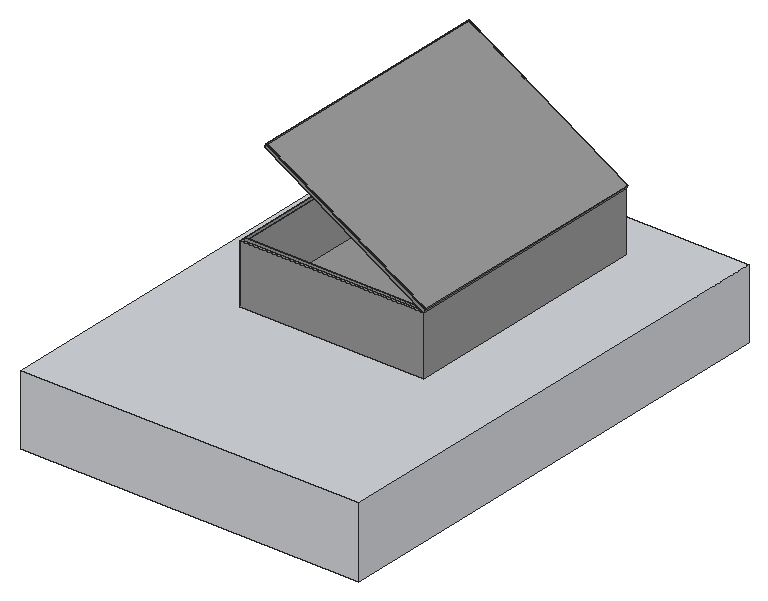
Revit family "Hager-Univers-IP55-D275-H1100-Cl.I-Steel_encl-PT-pt", category Equipement électrique, Revit 2020
Family settings
  Hôte = Face
  Configuration du panneau = Deux colonnes, circuits au sein
  Cote de connecteur circulaire = Utiliser le diamètre
  Type d'élément = Tableau de raccordement
  Couper avec des vides une fois chargée = Non
  Partagée = Non
  Point de calcul de pièce = Non
Parameters (values of type "Montagem em superfície (gesso) IP55 L800 A1100 P275  - FR73E")
  Width Control [instance] = if([EF000008 - Largura] > Min Width, [EF000008 - Largura], Min Width)  # 800 mm
  Commentaires du type = [HG000003 - Gama]  # "Univers"
  Thickness Door [instance] = if([EF009171 - Espessura do material da porta/tampa] > 3 mm, 3 mm, [EF009171 - Espessura do material da porta/tampa])  # 1.5 mm
  Seal Frame Offset [instance] = 17 mm  # constant formula
  Plinth Visibility [instance] = [HG000027 - Altura da Plinta] > 0 mm  # no
  Model = ""
  Min Width [instance] = 100 mm  # constant formula
  Min Height [instance] = 100 mm  # constant formula
  Min Depth [instance] = (2 * [EF009170 - Espessura do material do invólucro]) + 1 mm  # 4 mm
  Internal Frame Depth [instance] = (Door System Depth * 0.5)  # 9 mm
  Height Control [instance] = if([EF000040 - Altura] > Min Height, [EF000040 - Altura], Min Height)  # 1100 mm
  HG000027 - Altura da Plinta = 0 mm
  HG000026 - Instalação no chão = no
  HG000024 - Altura da secção inferior = 800 mm
  HG000023 - Recinto de secção dupla = no
  HG000016 - Visibilidade da porta 3D [instance] = yes
  HG000015 - Visibilidade através da porta [instance] = no
  HG000014 - Porta à direita [instance] = yes
  HG000013 - Porta à esquerda [instance] = not([HG000014 - Porta à direita])  # no
  HG000012 - Ângulo de abertura de porta [instance] = 30.00°
  HG000010 - Portas assimétricas = no
  HG000009 - Porta dupla = no
  HG000006 - Encastrado = no
  HG000004 - Referência do Fabricante = "FR73E"
  HG000003 - Gama = "Univers"
  HG000002 - Com porta ou tampa = yes
  Frame Offset Bottom [instance] = 10 mm  # constant formula
  Frame Offset [instance] = 15 mm  # constant formula
  EF015940 - Tampa com libertação de sobrepressão = no
  EF011959 - Grau de proteção (NEMA) = ""
  EF009554 - Número de aberturas para placas de flange = 6
  Fabricant = "Hager"  # constant formula
  EF009212 - Tipo de tampa = "EV000116 - Fechado"
  EF009171 - Espessura do material da porta/tampa = 1.5 mm
  EF009170 - Espessura do material do invólucro = 1.5 mm
  EF008873 - Corrente nominal (In) = 800 A
  EF007800 - Adequado para proteção contra raios = no
  EF006306 - Com fecho = no
  EF006244 - Tampa/porta transparente = no
  EF005474 - Grau de proteção (IP) = "EV006420 - IP55"
  EF004464 - Tipo de porta = "EV002646 - Único"
  EF004427 - Número de módulos = 252
  EF004293 - Força de impacto = "EV008784 - IK10"
  EF003532 - Adequado para uso no exterior = no
  EF002950 - Largura em número de módulos = 24
  EF001613 - Integridade do circuito = "EV000494 - Nenhum"
  EF001596 - Material do corpo = "EV000179 - Aço"
  EF001131 - Profundidade interior = 275 mm
  EF001088 - Extensão possível = yes
  EF000437 - Número de entradas de condutores = 6
  EF000339 - Tipo de difusor = "EV004216 - Porta"
  EF000266 - Número de linhas = 7
  EF000218 - Profundidade incorporada = 0 mm
  EF000118 - Com tampa de montagem = no
  EF000116 - Número RAL = "7035"
  EF000049 - Profundidade = 275 mm
  EF000040 - Altura = 1100 mm
  EF000008 - Largura = 800 mm
  EF000007 - Cor = "EV000270 - Cinzento"
  EF000003 - Método de montagem = "EV000384 - Montagem em superfície (gesso)"
  Door System Leaf Tolerance [instance] = 1.5 mm  # constant formula
  Door System Depth [instance] = 18 mm  # constant formula
  Door Height [instance] = Height Control - [HG000027 - Altura da Plinta]  # 1100 mm
  Depth Control [instance] = if([EF000049 - Profundidade] > Min Depth, [EF000049 - Profundidade], Min Depth)  # 275 mm
  Default Elevation = 0 mm
  Connector Offset [instance] = Height Control / 2  # 550 mm
  Bottom Top Plate Trim [instance] = 1.5 mm  # constant formula
  Plinth height Ctrl [instance] = if([HG000027 - Altura da Plinta] > 0 mm, [HG000027 - Altura da Plinta], 12 mm)  # 12 mm
Types (3, lengths in mm): name | Width Control | HG000009 - Porta dupla | HG000004 - Referência do Fabricante | EF009554 - Número de aberturas para placas de flange | EF004464 - Tipo de porta | EF004427 - Número de módulos | EF000437 - Número de entradas de condutores | EF000008 - Largura
  Montagem em superfície (gesso) IP55 L1050 A1100 P275  - FR74E | 1050 | yes | "FR74E" | 8 | "EV003602 - Duplo" | 336 | 8 | 1050
  Montagem em superfície (gesso) IP55 L550 A1100 P275  - FR72E | 550 | no | "FR72E" | 4 | "EV002646 - Único" | 168 | 4 | 550
  Montagem em superfície (gesso) IP55 L800 A1100 P275  - FR73E | 800 | no | "FR73E" | 6 | "EV002646 - Único" | 252 | 6 | 800
Reference planes
  plane 1 "Center (Front/Back)": y = 0
  plane 2: z = 0
  plane 3 "Center (Left/Right)": x = 0
  plane 4: z = 275
  plane 5: y = 1.5
  plane 6: y = 550
  plane 7: y = 0
  plane 8: y = 1100
  plane 9: z = 0
  plane 10: x = -385
  plane 11: x = 385
  plane 12: x = 383.5
  plane 13: x = -383.5
  plane 14: y = 1098.5
  plane 15: x = -383
  plane 16: x = -400
  plane 17: x = 383
  plane 18: x = 400
  plane 19: x = 398.5
  plane 20: x = -398.5
  plane 21: y = 11.5
  plane 22: y = 1100
  plane 23: y = 1083.5
  plane 24: z = 257
  plane 25: z = 1.5
  plane 26: z = 255.5
  plane 27: z = 273.5
Forms (mm)
  Extrusion 1, solid
    sketch origin (0, 0, 0) x (1, 0, 0) y (0, 1, 0)
      loop
        line (-702.964, 1305) -> (-702.964, -811.445) -> (766.763, -811.445) -> (766.763, 1305) -> (-702.964, 1305)
    from 0 to -304.8
  Extrusion 2, solid, material "Hager_Steel_RAL7035_Light_Grey", visible <- "Plinth Visibility", detail levels medium+fine
    sketch origin (0, 0, 0) x (1, 0, 0) y (0, 1, 0)
      loop
        line (-400, 0) -> (400, 0) -> (400, 12) -> (-400, 12) -> (-400, 0)
    from 0 to 257
  Extrusion 3, solid, material "Hager_Steel_RAL7035_Light_Grey", detail levels medium+fine
    sketch origin (0, 0, 0) x (1, 0, 0) y (0, 1, 0)
      loop
        line (-400, 0) -> (400, 0) -> (400, 1100) -> (-400, 1100) -> (-400, 0)
    from 0 to 257
  Extrusion 4, void
    sketch origin (0, 0, 0) x (1, 0, 0) y (0, 1, 0)
      loop
        line (-398.5, 1.5) -> (398.5, 1.5) -> (398.5, 1098.5) -> (-398.5, 1098.5) -> (-398.5, 1.5)
    from 1.5 to 255.5
  Extrusion 5, void
    sketch origin (-381.607, -4572, 257) x (0, -1, 0) y (-1, 0, 0)
      loop
        line (-4583.5, 1.893) -> (-5655.5, 1.893) -> (-5655.5, -765.107) -> (-4583.5, -765.107) -> (-4583.5, 1.893)
    from 0 to 1.5 <- "EF009170 - Espessura do material do invólucro"
  Extrusion 6, solid, material "Hager_Steel_RAL7035_Light_Grey", detail levels fine
    sketch origin (0, 0, 257) x (1, 0, 0) y (0, 1, 0)
      loop
        line (-383.5, 1083.5) -> (-383.5, 11.5) -> (383.5, 11.5) -> (383.5, 1083.5) -> (-383.5, 1083.5)
      loop
        line (-385, 10) -> (385, 10) -> (385, 1085) -> (-385, 1085) -> (-385, 10)
    from 0 to 9 <- "Internal Frame Depth"
  Extrusion 7, solid, material "Hager_Steel_RAL7035_Light_Grey", detail levels coarse
    sketch origin (0, 0, 0) x (1, 0, 0) y (0, 1, 0)
      loop
        line (-400, 0) -> (400, 0) -> (400, 1100) -> (-400, 1100) -> (-400, 0)
    from 0 to 275
  Sweep 8, void
    path in 3D
      loop
        line (-400, 12, 0) -> (400, 12, 0) -> (400, 12, 257) -> (-400, 12, 257) -> (-400, 12, 0)
    profile origin (-400, 12, 128.5) x (-1, 0, 0) y (0, -1, 0)
      loop
        line (0, 0) -> (0, 1.5) -> (-1.5, 1.5)
        arc (-1.5, 1.5) -> (-1.061, 0.439) -> (0, 0) r 1.5
Cuts and joins
  Extrusion 4, Extrusion 5 cuts Extrusion 3
  Sweep 8 cuts Extrusion 2
Lines and regions (mm)
  Masking region 1
    outline origin (0, 0, 0) x (1, 0, 0) y (0, 0, 1)
      loop
        line (-400, 275) -> (-400, 0) -> (400, 0) -> (400, 275) -> (-400, 275)
  Masking region 2, detail levels medium+fine
    outline origin (0, 140, 0) x (0, 1, 0) y (0, 0, 1)
      loop
        line (-140, 0) -> (960, 0) -> (960, 257) -> (-140, 257) -> (-140, 0)
  Masking region 3, not visible, detail levels medium+fine
    outline origin (0, 297.922, 0) x (0, 1, 0) y (0, 0, 1)
      loop
        line (263.578, 0) -> (303.578, 0) -> (303.578, 263.5)
        arc (303.578, 263.5) -> (300.649, 270.571) -> (293.578, 273.5) r 10
        line (293.578, 273.5) -> (263.578, 273.5) -> (263.578, 0)
  Masking region 4, detail levels coarse
    outline origin (0, 0, 180) x (0, 1, 0) y (0, 0, 1)
      loop
        line (0, -180) -> (1100, -180) -> (1100, 95) -> (0, 95) -> (0, -180)
  Masking region 5, visible <- "Plinth Visibility", detail levels medium+fine
    outline origin (0, 52.24, 12.345) x (0, 0, -1) y (0, 1, 0)
      loop
        line (10.845, -40.24) -> (-243.155, -40.24)
        arc (-243.155, -40.24) -> (-243.594, -41.301) -> (-244.655, -41.74) r 1.5
        line (-244.655, -41.74) -> (-244.655, -52.24) -> (12.345, -52.24) -> (12.345, -41.74)
        arc (12.345, -41.74) -> (11.285, -41.301) -> (10.845, -40.24) r 1.5
  Masking region 6, detail levels medium+fine
    outline origin (-381.607, -4572, 257) x (-1, 0, 0) y (0, -1, 0)
      loop
        line (18.393, -5672) -> (18.393, -4572) -> (-781.607, -4572) -> (-781.607, -5672) -> (18.393, -5672)
  Masking region 7, visible <- "Plinth Visibility", detail levels medium+fine
    outline origin (-381.607, -4727, 257) x (-1, 0, 0) y (0, -1, 0)
      loop
        arc (16.893, -4739) -> (17.332, -4737.939) -> (18.393, -4737.5) r 1.5
        line (18.393, -4737.5) -> (18.393, -4727) -> (-781.607, -4727) -> (-781.607, -4737.5)
        arc (-781.607, -4737.5) -> (-780.546, -4737.939) -> (-780.107, -4739) r 1.5
        line (-780.107, -4739) -> (16.893, -4739)
  Masking region 8, detail levels coarse
    outline origin (-442.548, -4669.526, 257) x (-1, 0, 0) y (0, -1, 0)
      loop
        line (-42.548, -5769.526) -> (-42.548, -4669.526) -> (-842.548, -4669.526) -> (-842.548, -5769.526) -> (-42.548, -5769.526)
  sketch lines
    curve 1: line (-400, 12, 257) -> (-400, 12, 0)
    curve 2: line (400, 12, 257) -> (-400, 12, 257)
    curve 3: line (400, 12, 257) -> (400, 12, 0)
    curve 4: line (-400, 12, 0) -> (400, 12, 0)
Dimensions and locks
  "Depth Control": plane 4 to Extrusion 1
  "HG000027 - Altura da Plinta": plane 1 "Center (Front/Back)" to plane 7
  "EF009170 - Espessura do material do invólucro": plane 5 to plane 7
  locked: connector elem to plane 3 "Center (Left/Right)"
  equal spacing: plane 8, plane 6, plane 7
  locked: connector elem to plane 6
  "EF009170 - Espessura do material do invólucro": plane 8 to plane 14
  "EF009170 - Espessura do material do invólucro": plane 10 to plane 13
  "EF009170 - Espessura do material do invólucro": plane 12 to plane 11
  "Frame Offset": plane 20 to plane 13
  "Frame Offset": plane 12 to plane 19
  "EF009170 - Espessura do material do invólucro": plane 16 to plane 20
  "EF009170 - Espessura do material do invólucro": plane 19 to plane 18
  "Seal Frame Offset": plane 16 to plane 15
  "Seal Frame Offset": plane 17 to plane 18
  "Frame Offset Bottom": plane 21 to plane 5
  "Frame Offset": plane 14 to plane 23
  equal spacing: plane 16, plane 3 "Center (Left/Right)", plane 18
  "Width Control": plane 16 to plane 18
  "EF009170 - Espessura do material do invólucro": plane 4 to plane 27
  "EF009170 - Espessura do material do invólucro": plane 24 to plane 26
  "EF009170 - Espessura do material do invólucro": plane 25 to level
  "Door System Depth": plane 4 to plane 24
  "Height Control": plane 1 "Center (Front/Back)" to Extrusion 7 sketch curve
  "Height Control": Masking region 4 sketch curve to plane 1 "Center (Front/Back)"
  "Height Control": plane 1 "Center (Front/Back)" to plane 22
  "Bottom Top Plate Trim": profile plane to Sweep 8 sketch curve
  "Bottom Top Plate Trim": Sweep 8 sketch curve to profile plane
  "Plinth height Ctrl": plane 1 "Center (Front/Back)" to Extrusion 2 sketch curve
  "Plinth height Ctrl": Masking region 5 sketch curve to plane 1 "Center (Front/Back)"
  "Plinth height Ctrl": plane 1 "Center (Front/Back)" to Masking region 7 sketch curve
  "Thickness Door": Extrusion 6 sketch curve to Extrusion 6 sketch curve  (x3)
  "Thickness Door": cut or joined group of Extrusion 3, Extrusion 4, Extrusion 5 to Extrusion 6 sketch curve
  radius of Masking region 3 sketch curve = 10 mm
  "Bottom Top Plate Trim": radius of Masking region 5 sketch curve  (x2)
  "Bottom Top Plate Trim": radius of Sweep 8 sketch curve
  "Bottom Top Plate Trim": radius of Masking region 7 sketch curve  (x2)
  aligned and locked: plane 2 to Extrusion 1
  aligned and locked: level to Extrusion 1
  aligned and locked: level to Masking region 1 sketch curve
  aligned and locked: Masking region 1 sketch curve to plane 18
  aligned and locked: Masking region 1 sketch curve to plane 16
  aligned and locked: plane 7 to Masking region 2 sketch curve
  aligned and locked: level to Masking region 3 sketch curve
  aligned and locked: Masking region 3 sketch curve to plane 27
  aligned and locked: level to Masking region 2 sketch curve
  aligned and locked: plane 1 "Center (Front/Back)" to Extrusion 2 sketch curve
  aligned and locked: Extrusion 3 sketch curve to plane 7
  aligned and locked: plane 16 to Extrusion 3 sketch curve
  aligned and locked: plane 18 to Extrusion 3 sketch curve
  aligned and locked: plane 20 to Extrusion 4 sketch curve
  aligned and locked: plane 19 to Extrusion 4 sketch curve
  aligned and locked: Extrusion 4 sketch curve to plane 5
  aligned and locked: Extrusion 4 to plane 25
  aligned and locked: plane 26 to Extrusion 4
  aligned and locked: plane 24 to Extrusion 3
  aligned and locked: Extrusion 5 sketch curve to plane 21
  aligned and locked: Extrusion 5 sketch curve to plane 13
  aligned and locked: Extrusion 5 sketch curve to plane 12
  aligned and locked: plane 18 to Extrusion 7 sketch curve
  aligned and locked: plane 1 "Center (Front/Back)" to Extrusion 7 sketch curve
  aligned and locked: plane 16 to Extrusion 7 sketch curve
  aligned and locked: plane 4 to Extrusion 7
  aligned and locked: Extrusion 7 to level
  aligned and locked: level to Masking region 4 sketch curve
  aligned and locked: Masking region 4 sketch curve to plane 1 "Center (Front/Back)"
  aligned and locked: Masking region 4 sketch curve to plane 4
  aligned and locked: nested 1 to level
  aligned and locked: nested 1 to plane 16
  aligned and locked: plane 8 to Extrusion 3 sketch curve
  aligned and locked: plane 23 to Extrusion 5 sketch curve
  aligned and locked: plane 14 to Extrusion 4 sketch curve
  aligned and locked: Masking region 2 sketch curve to plane 8
  aligned and locked: level to Masking region 5 sketch curve
  aligned and locked: plane 16 to Extrusion 2 sketch curve
  aligned and locked: plane 18 to Extrusion 2 sketch curve
  aligned and locked: Masking region 5 sketch curve to plane 24
  aligned and locked: Masking region 2 sketch curve to plane 24
  aligned and locked: plane 24 to Extrusion 2
  aligned and locked: profile plane to Sweep 8 sketch curve  (x2)
  aligned and locked: Masking region 6 sketch curve to plane 18
  aligned and locked: Masking region 6 sketch curve to plane 22
  aligned and locked: Masking region 6 sketch curve to plane 16
  aligned and locked: plane 8 to plane 22
  aligned and locked: Masking region 6 sketch curve to plane 7
  aligned and locked: Masking region 7 sketch curve to plane 16
  aligned and locked: Masking region 7 sketch curve to plane 1 "Center (Front/Back)"
  aligned and locked: Masking region 7 sketch curve to plane 18
  aligned and locked: Masking region 8 sketch curve to plane 1 "Center (Front/Back)"
  aligned and locked: Masking region 8 sketch curve to plane 18
  aligned and locked: Masking region 8 sketch curve to plane 22
  aligned and locked: Masking region 8 sketch curve to plane 16
  aligned and locked: nested 2 to plane 7
  aligned and locked: plane 3 "Center (Left/Right)" to nested 2
  aligned and locked: nested 2 to plane 24
  aligned and locked: Extrusion 6 sketch curve to cut or joined group of Extrusion 3, Extrusion 4, Extrusion 5  (x4)
Automatic sketch dimensions
  Extrusion 1 sketch curve to Extrusion 1 sketch curve = 1469.727 mm
  Extrusion 1 sketch curve to Extrusion 1 sketch curve = 2116.445 mm
  Masking region 1 sketch curve to plane 4 = 0 mm
  plane 6 to Masking region 3 sketch curve = 11.5 mm
  Masking region 3 sketch curve to Masking region 3 sketch curve = 30 mm
  Masking region 5 sketch curve to plane 1 "Center (Front/Back)" = 0 mm
Nested families
  nested 1: "Hager_Enclosure_Symbol" at (-400, 0, 0) x (1, 0, 0) z (0, -1, 0), Height <- "Depth Control", Width <- "Width Control", type "Hager_Enclosure_Symbol"
    with Width_Ctrl 800 mm, Width 800 mm, Height_Ctrl 275 mm, Height 275 mm, A_Width_Int 18.047 mm, A_Width 216.562 mm, A_Height_Ctrl 240.625 mm, A_Height 240.625 mm
  nested 2: "EC000058_Univers_Door" at (0, 0, 257) x (1, 0, 0) z (0, 1, 0), Leaf_Tolerance <- "Door System Leaf Tolerance", Angle <- "HG000012 - Ângulo de abertura de porta", Door_Depth <- "Door System Depth", Door_Left <- "HG000013 - Porta à esquerda", Transparent <- "EF006244 - Tampa/porta transparente", Assymetrical <- "HG000010 - Portas assimétricas", Width <- "Width Control", Clearance <- "HG000015 - Visibilidade através da porta", Double <- "HG000009 - Porta dupla", 3d_Door <- "HG000016 - Visibilidade da porta 3D", Lock_Visibility <- "EF006306 - Com fecho", Width_Ctrl <- "Width Control", Door_Right <- "HG000014 - Porta à direita", Door <- "HG000002 - Com porta ou tampa", Height <- "Door Height", Thickness <- "Thickness Door", type "EC000058_Univers_Door", detail levels medium+fine
    with min_wh 4 mm, Width_Ctrl 800 mm, Width 800 mm, Transparent no, Thickness 1.5 mm, Seal_Material Hager_Rubber, Lock_Visibility no, Lock_Material Hager_Plastic_RAL9005_Jet_Black, Leaf_Width 800 mm, Leaf_Tolerance_External_Sides 0 mm, Leaf_Tolerance 1.5 mm, Leaf_Offset 0 mm, Leaf_Height 1097 mm, Leaf_2_Width 800 mm, Leaf_2_Offset 400 mm, Leaf_1_Width 800 mm, Leaf_1_Offset 400 mm, Height_Ctrl 1100 mm, Height 1100 mm, Glass_Material Hager_Glass, Double_Clearance_Ctrl no, Double no, Door_Right_Ctrl yes, Door_Right yes, Door_Material Hager_Steel_RAL7035_Light_Grey, Door_Left_Ctrl no, Door_Left no, Door_Depth 18 mm, Door yes, Clearance_Material Hager_Clearance, Clearance_Depth 800 mm, Clearance_Ctrl no, Clearance no, Assymetrical no, Angle 30.00°, 3d_Door yes
Connectors
  electrical at (0, 550, 0)
    settings: on plane 9, index 1, voltage 0 V, apparent load 0 VA, apparent load phase1 0 VA, apparent load phase2 0 VA, apparent load phase3 0 VA, power factor 1, load classification "Other", number of poles 1, system type 30, power factor state 1, is connector primary yes, connector utility no, sub classification motor no, connector description ""
Definition of nested family "EC000058_Univers_Door"
  Parameters (values of type "EC000058_Univers_Door")
    min_wh [instance] = (2 * Thickness) + 1 mm  # 11 mm
    Width_Ctrl [instance] = 400 mm
    Width [instance] = 500 mm
    Transparent [instance] = yes
    Thickness [instance] = 5 mm
    Seal_Material [instance] = none
    Lock_Visibility [instance] = yes
    Lock_Material [instance] = none
    Leaf_Width [instance] = if((Width_Ctrl - 2 * Leaf_Tolerance_External_Sides) > 0 mm, (Width_Ctrl - 2 * Leaf_Tolerance_External_Sides), min_wh)  # 400 mm
    Leaf_Tolerance_External_Sides [instance] = 0 mm  # constant formula
    Leaf_Tolerance [instance] = 1.5 mm
    Leaf_Offset [instance] = 0 mm  # constant formula
    Leaf_Height [instance] = if((Height_Ctrl - 2 * Leaf_Tolerance) > 0 mm, (Height_Ctrl - 2 * Leaf_Tolerance), min_wh)  # 497 mm
    Leaf_2_Width [instance] = if(and(and(Double, Assymetrical), Door_Left), (Leaf_Width / 3) - (Leaf_Tolerance / 2), if(and(and(Double, Assymetrical), Door_Right), (Leaf_Width / 3) * 2 - (Leaf_Tolerance / 2), if(and(Double, not(Assymetrical)), (Leaf_Width / 2) - Leaf_Tolerance, Leaf_Width)))  # 400 mm
    Leaf_2_Offset [instance] = if(and(Double, Assymetrical), Leaf_2_Width / 2, if(and(Double, not(Assymetrical)), Leaf_Width / 4, Leaf_Width / 2))  # 200 mm
    Leaf_1_Width [instance] = if(and(and(Double, Assymetrical), Door_Right), (Leaf_Width / 3) - (Leaf_Tolerance / 2), if(and(and(Double, Assymetrical), Door_Left), (Width / 3) * 2 - (Leaf_Tolerance / 2), if(and(Double, not(Assymetrical)), (Leaf_Width / 2) - Leaf_Tolerance, Leaf_Width)))  # 400 mm
    Leaf_1_Offset [instance] = if(and(Double, Assymetrical), Leaf_1_Width / 2, if(and(Double, not(Assymetrical)), Leaf_Width / 4, Leaf_Width / 2))  # 200 mm
    Height_Ctrl [instance] = if(Height > min_wh, Height, min_wh)  # 500 mm
    Height [instance] = 500 mm
    Glass_Material [instance] = none
    Double_Clearance_Ctrl [instance] = and(Double, Clearance)  # no
    Double [instance] = no
    Door_Right_Ctrl [instance] = and(or(Door_Right, Double), Door)  # yes
    Door_Right [instance] = yes
    Door_Material [instance] = none
    Door_Left_Ctrl [instance] = and(or(Door_Left, Double), Door)  # no
    Door_Left [instance] = no
    Door_Depth [instance] = 30 mm
    Door [instance] = yes
    Default Elevation = 1219.2 mm
    Clearance_Material [instance] = none
    Clearance_Depth [instance] = if(Leaf_1_Width > Leaf_2_Width, Leaf_1_Width, Leaf_2_Width)  # 400 mm
    Clearance_Ctrl [instance] = and(not(Double), Clearance)  # yes
    Clearance [instance] = yes
    Assymetrical [instance] = yes
    Angle [instance] = 30.00°
    3d_Door [instance] = yes
  Reference planes
    plane 1 "Center (Front/Back)": y = 0
    plane 2 "Bottom": z = 0
    plane 3 "Center (Left/Right)": x = 0
    plane 4: z = 500
    plane 5: x = -200
    plane 6: x = 200
    plane 7: z = 500
    plane 8: x = -200
    plane 9: z = 0
    plane 10: x = 200
    plane 11: y = 0
    plane 12: z = 1.5
    plane 13: x = -600
    plane 14: y = -400
    plane 15: x = 600
    plane 16: x = 0
    plane 17: x = 0
    plane 18: x = -200
    plane 19: x = 200
    plane 20: z = 498.5
  Forms (mm)
    Extrusion 1, solid, material <- "Clearance_Material", visible <- "Double_Clearance_Ctrl"
      sketch origin (1200, 0, 0) x (1, 0, 0) y (0, 0, -1)
        loop
          line (-1800, -498.5) -> (-600, -498.5) -> (-600, 0) -> (-1800, 0) -> (-1800, -498.5)
      from 0 to -400
  Dimensions and locks
    equal spacing: plane 5, plane 3 "Center (Left/Right)", plane 6
    "Width_Ctrl": plane 5 to plane 6
    "Leaf_Offset": plane 5 to plane 8
    "Leaf_Offset": plane 6 to plane 10
    "Leaf_Offset": plane 9 to level
    "Leaf_Offset": plane 4 to plane 7
    "Height_Ctrl": plane 4 to level
    "Leaf_Tolerance": plane 12 to plane 9
    locked: plane 11 to plane 1 "Center (Front/Back)"
    "Leaf_1_Offset": plane 18 to plane 16
    "Leaf_2_Offset": plane 17 to plane 19
    "Leaf_1_Width": plane 13 to plane 8
    "Leaf_2_Width": plane 10 to plane 15
    "Clearance_Depth": plane 14 to plane 1 "Center (Front/Back)"
    "Leaf_Tolerance_External_Sides": plane 8 to plane 18
    "Leaf_Tolerance_External_Sides": plane 19 to plane 10
    "Leaf_Tolerance": plane 7 to plane 20
    aligned and locked: level to plane 2 "Bottom"
    aligned and locked: nested 1 to plane 16
    aligned and locked: nested 2 to plane 17
    aligned and locked: Extrusion 1 to plane 13
    aligned and locked: plane 15 to Extrusion 1
    aligned and locked: Extrusion 1 to plane 14
    aligned and locked: plane 12 to nested 1
    aligned and locked: nested 2 to plane 12
    aligned and locked: Extrusion 1 to plane 11
    aligned and locked: plane 20 to Extrusion 1
    aligned and locked: nested 2 to plane 11
    aligned and locked: nested 1 to plane 11
  Automatic sketch dimensions
    Extrusion 1 sketch curve to level = 0 mm
    plane 5 to Extrusion 1 sketch curve = 400 mm
    plane 6 to Extrusion 1 sketch curve = 400 mm
    Extrusion 1 sketch curve to plane 4 = 1.5 mm
  Nested families
    nested 1: "EC000058_Univers_Door_Leaf" at (0, 0, 1.5), Width <- "Leaf_1_Width", visible <- "Door_Left_Ctrl", Leaf_Height <- "Leaf_Height", Angle <- "Angle", 3d_Door <- "3d_Door", Transparent <- "Transparent", Clearance Material <- "Clearance_Material", Clearance <- "Clearance_Ctrl", Door_Material <- "Door_Material", Glass_Material <- "Glass_Material", Door_Depth <- "Door_Depth", Lock_Material <- "Lock_Material", Seal_Material <- "Seal_Material", Lock_Visibility <- "Lock_Visibility", Thickness <- "Thickness", type "EC000058_Univers_Door_Leaf"
      with Width 400 mm, Transparent_Glass_Offset 30 mm, Transparent_Ctrl yes, Transparent yes, Thickness 5 mm, Standard no, Seal_Material none, Seal_D2 8 mm, Seal_D1 1 mm, Offset_Internal_Frame 10 mm, Lock_Width 20 mm, Lock_Visibility_3d yes, Lock_Visibility yes, Lock_Thickness_3 3 mm, Lock_Thickness_2 1 mm, Lock_Thickness_1 3 mm, Lock_Radius_Offset_2 16 mm, Lock_Radius_Offset_1 15 mm, Lock_Radius_2 5 mm, Lock_Radius 6 mm, Lock_Offset 5 mm, Lock_Material none, Lock_Height 80 mm, Lock_Cover_Top_Offset_2d 17 mm, Lock_Cover_Height -65 mm, Leaf_Height 497 mm, Internal_Seal_Thickness 8 mm, Internal_Seal_Depth_2 4.5 mm, Internal_Frame_Depth 25 mm, Glass_Thickness -1 mm, Glass_Offset -2 mm, Glass_Material none, Door_Material none, Door_Depth 30 mm, Clearance Material none, Clearance yes, Angle_Ctrl 30.00°, Angle 30.00°, 3d_Door yes
    nested 2: "EC000058_Univers_Door_Leaf" at (0, 0, 1.5) x (-1, 0, 0) z (0, 0, 1), Width <- "Leaf_2_Width", visible <- "Door_Right_Ctrl", Leaf_Height <- "Leaf_Height", Angle <- "Angle", 3d_Door <- "3d_Door", Transparent <- "Transparent", Clearance Material <- "Clearance_Material", Clearance <- "Clearance_Ctrl", Door_Material <- "Door_Material", Glass_Material <- "Glass_Material", Door_Depth <- "Door_Depth", Lock_Material <- "Lock_Material", Seal_Material <- "Seal_Material", Lock_Visibility <- "Lock_Visibility", Thickness <- "Thickness", type "EC000058_Univers_Door_Leaf"
      with Width 400 mm, Transparent_Glass_Offset 30 mm, Transparent_Ctrl yes, Transparent yes, Thickness 5 mm, Standard no, Seal_Material none, Seal_D2 8 mm, Seal_D1 1 mm, Offset_Internal_Frame 10 mm, Lock_Width 20 mm, Lock_Visibility_3d yes, Lock_Visibility yes, Lock_Thickness_3 3 mm, Lock_Thickness_2 1 mm, Lock_Thickness_1 3 mm, Lock_Radius_Offset_2 16 mm, Lock_Radius_Offset_1 15 mm, Lock_Radius_2 5 mm, Lock_Radius 6 mm, Lock_Offset 5 mm, Lock_Material none, Lock_Height 80 mm, Lock_Cover_Top_Offset_2d 17 mm, Lock_Cover_Height -65 mm, Leaf_Height 497 mm, Internal_Seal_Thickness 8 mm, Internal_Seal_Depth_2 4.5 mm, Internal_Frame_Depth 25 mm, Glass_Thickness -1 mm, Glass_Offset -2 mm, Glass_Material none, Door_Material none, Door_Depth 30 mm, Clearance Material none, Clearance yes, Angle_Ctrl 30.00°, Angle 30.00°, 3d_Door yes
  Definition of nested family "EC000058_Univers_Door_Leaf"
    Parameters (values of type "EC000058_Univers_Door_Leaf")
      Width [instance] = 2000 mm
      Transparent_Glass_Offset [instance] = 30 mm
      Transparent_Ctrl [instance] = and(Transparent, [3d_Door])  # yes
      Transparent [instance] = yes
      Thickness [instance] = 5 mm
      Standard [instance] = and(not(Transparent), [3d_Door])  # no
      Seal_Material [instance] = none
      Seal_D2 [instance] = 8 mm  # constant formula
      Seal_D1 [instance] = 1 mm  # constant formula
      Offset_Internal_Frame [instance] = 10 mm  # constant formula
      Lock_Width [instance] = 20 mm  # constant formula
      Lock_Visibility_3d [instance] = and(Lock_Visibility, [3d_Door])  # yes
      Lock_Visibility [instance] = yes
      Lock_Thickness_3 [instance] = 3 mm  # constant formula
      Lock_Thickness_2 [instance] = 1 mm  # constant formula
      Lock_Thickness_1 [instance] = 3 mm  # constant formula
      Lock_Radius_Offset_2 [instance] = Lock_Radius_Offset_1 + 1 mm  # 16 mm
      Lock_Radius_Offset_1 [instance] = 15 mm  # constant formula
      Lock_Radius_2 [instance] = Lock_Radius - 1 mm  # 5 mm
      Lock_Radius [instance] = 6 mm  # constant formula
      Lock_Offset [instance] = 5 mm  # constant formula
      Lock_Material [instance] = none
      Lock_Height [instance] = 80 mm  # constant formula
      Lock_Cover_Top_Offset_2d [instance] = Lock_Radius_Offset_2 + 1 mm  # 17 mm
      Lock_Cover_Height [instance] = -(Lock_Height - Lock_Radius_Offset_1)  # -65 mm
      Leaf_Height [instance] = 2720.336 mm
      Internal_Seal_Thickness [instance] = 8 mm  # constant formula
      Internal_Seal_Depth_2 [instance] = 4.5 mm  # constant formula
      Internal_Frame_Depth [instance] = if(Door_Depth - Thickness > 5 mm, Door_Depth - Thickness, 5 mm)  # 25 mm
      Glass_Thickness [instance] = if(Thickness > 15 mm, Glass_Offset + 10 mm, -1 mm)  # -1 mm
      Glass_Offset [instance] = if(Thickness > 15 mm, -(Thickness + 10 mm) / 2, -2 mm)  # -2 mm
      Glass_Material [instance] = none
      Door_Material [instance] = none
      Door_Depth [instance] = 30 mm
      Default Elevation = 0 mm
      Clearance Material [instance] = none
      Clearance [instance] = yes
      Angle_Ctrl [instance] = if(Angle > 180.00°, 180.00°, Angle)  # 90.00°
      Angle [instance] = 90.00°
      3d_Door [instance] = yes
    Reference planes
      plane 1 "Center (Front/Back)": y = 0
      plane 2: z = 0
      plane 3 "Center (Left/Right)": x = 0
      plane 4: y = 2000
      plane 5: x = -1000
      plane 6: x = 1000
      plane 7: x = -3000
      plane 8: z = 2720.336
      plane 9: z = 30
      plane 10: z = 2690.336
      plane 11: x = 970
      plane 12: x = -970
      plane 13: y = -3
      plane 14: z = 107.833
      plane 15: y = -5
      plane 16: y = -223.314
      plane 17: x = -1000
      plane 18: z = 1360.168
      plane 19: y = 30
    Forms (mm)
      Extrusion 1, solid, material <- "Clearance Material", visible <- "Clearance"
        sketch origin (0, 0, 0) x (1, 0, 0) y (0, 0, 1)
          loop
            line (-3000, 2720.336) -> (-3000, 0) -> (1000, 0) -> (1000, 2720.336) -> (-3000, 2720.336)
        from 0 to -2000
      Extrusion 2, solid, material <- "Door_Material", visible <- "Standard", detail levels medium+fine
        sketch origin (-1000, 0, 0) x (0, 1, 0) y (-1, 0, 0)
          loop
            line (0, 30) -> (0, 25) -> (2000, 25) -> (2000, 30) -> (0, 30)
        from 0 to 2720.336 <- "Leaf_Height"
      Extrusion 3, solid, material <- "Door_Material", visible <- "Transparent_Ctrl", detail levels medium+fine
        sketch origin (-1000, 0, 0) x (0, 1, 0) y (-1, 0, 0)
          loop
            line (0, 25) -> (2000, 25) -> (2000, 30) -> (0, 30) -> (0, 25)
        from 0 to 2720.336 <- "Leaf_Height"
      Extrusion 4, void
        sketch origin (-1025, 2000, 0) x (0, 1, 0) y (0, 0, -1)
          loop
            line (-30, -2690.336) -> (-30, -30) -> (-1970, -30) -> (-1970, -2690.336) -> (-30, -2690.336)
        from 0 to 5 <- "Thickness"
      Sweep 5, solid, material <- "Seal_Material", visible <- "Transparent_Ctrl", detail levels fine
        path in 3D
          loop
            line (-1025, 30, 30) -> (-1025, 30, 2690.336) -> (-1025, 1970, 2690.336) -> (-1025, 1970, 30) -> (-1025, 30, 30)
        profile origin (-1025, 1000, 30) x (1, 0, 0) y (0, 0, 1)
          loop
            line (0, 0) -> (0, -8) -> (1, -8) -> (1, 0) -> (0, 0)
      Extrusion 6, solid, material <- "Glass_Material", visible <- "Transparent_Ctrl", detail levels medium+fine
        sketch origin (-1030, 0, 0) x (0, 1, 0) y (0, 0, -1)
          loop
            line (1970, -2690.336) -> (1970, -30) -> (30, -30) -> (30, -2690.336) -> (1970, -2690.336)
        from -2 <- "Glass_Offset" to -1 <- "Glass_Thickness"
      Extrusion 7, solid, material <- "Door_Material", visible <- "3d_Door", detail levels medium+fine
        sketch origin (-1025, 2000, 0) x (0, -1, 0) y (0, 0, -1)
          loop
            line (0, -2720.336) -> (2000, -2720.336) -> (2000, 0) -> (0, 0) -> (0, -2720.336)
          loop
            line (1995, -5) -> (5, -5) -> (5, -2715.336) -> (1995, -2715.336) -> (1995, -5)
        from 0 to 25 <- "Internal_Frame_Depth"
      Sweep 8, solid, material <- "Seal_Material", visible <- "Transparent_Ctrl", detail levels fine
        path in 3D
          loop
            line (-1025, 0, 0) -> (-1025, 2000, 0) -> (-1025, 2000, 2720.336) -> (-1025, 0, 2720.336) -> (-1025, 0, 0)
        profile origin (-1025, 0, 1360.168) x (1, 0, 0) y (0, 1, 0)
          loop
            line (0, 10) -> (2.975, 10)
            arc (2.975, 10) -> (4.053, 10.447) -> (4.5, 11.525) r 1.525
            line (4.5, 11.525) -> (4.5, 16.527)
            arc (4.5, 16.527) -> (4.069, 17.569) -> (3.027, 18) r 1.473
            line (3.027, 18) -> (0, 18) -> (0, 10)
      Extrusion 9, solid, material <- "Lock_Material", visible <- "Lock_Visibility_3d", detail levels fine
        sketch origin (-1030, 0, 0) x (0, 1, 0) y (0, 0, -1)
          loop
            arc (1993.5, -1400.168) -> (1994.561, -1399.729) -> (1995, -1398.668) r 1.5
            line (1995, -1398.668) -> (1995, -1320.168) -> (1975, -1320.168) -> (1975, -1398.668)
            arc (1975, -1398.668) -> (1975.439, -1399.729) -> (1976.5, -1400.168) r 1.5
            line (1976.5, -1400.168) -> (1993.5, -1400.168)
        from 3 <- "Lock_Thickness_1" to 0
      Blend 10, solid, material <- "Lock_Material", visible <- "Lock_Visibility_3d", detail levels fine
        base sketch origin (-1033, 0, 0) x (0, 1, 0) y (0, 0, -1)
          loop
            line (1975, -1320.168) -> (1975, -1398.668)
            arc (1975, -1398.668) -> (1975.439, -1399.729) -> (1976.5, -1400.168) r 1.5
            line (1976.5, -1400.168) -> (1993.5, -1400.168)
            arc (1993.5, -1400.168) -> (1994.561, -1399.729) -> (1995, -1398.668) r 1.5
            line (1995, -1398.668) -> (1995, -1320.168) -> (1975, -1320.168)
        top sketch origin (-1033, 0, 0) x (0, 1, 0) y (0, 0, -1)
          loop
            line (1976, -1320.168) -> (1976, -1398.668)
            arc (1976, -1398.668) -> (1976.146, -1399.022) -> (1976.5, -1399.168) r 0.5
            line (1976.5, -1399.168) -> (1993.5, -1399.168)
            arc (1993.5, -1399.168) -> (1993.854, -1399.022) -> (1994, -1398.668) r 0.5
            line (1994, -1398.668) -> (1994, -1320.168) -> (1976, -1320.168)
        from 0 to 1 <- "Lock_Thickness_2"
      Blend 11, solid, material <- "Lock_Material", visible <- "Lock_Visibility_3d", detail levels fine
        base sketch origin (-1034, 0, 0) x (0, 1, 0) y (0, 0, -1)
          loop
            line (1978, -1320.168) -> (1978, -1384.168)
            arc (1978, -1384.168) -> (1985, -1391.168) -> (1992, -1384.168) r 7
            line (1992, -1384.168) -> (1992, -1320.168) -> (1978, -1320.168)
        top sketch origin (-1034, 0, 0) x (0, 1, 0) y (0, 0, -1)
          loop
            line (1991, -1320.168) -> (1979, -1320.168) -> (1979, -1383.168)
            arc (1979, -1383.168) -> (1985, -1389.168) -> (1991, -1383.168) r 6
            line (1991, -1383.168) -> (1991, -1320.168)
        from 0 to 3 <- "Lock_Thickness_3"
      Extrusion 12, solid, material <- "Lock_Material", visible <- "Lock_Visibility_3d", detail levels fine
        sketch origin (-1030, 1975, 1320.168) x (1, 0, 0) y (0, -1, 0)
          loop
            line (-7, -19) -> (-7, -1) -> (0, -1) -> (0, 0) -> (-8, 0) -> (-8, -20) -> (0, -20) -> (0, -19) -> (-7, -19)
        from 0 to -65 <- "Lock_Cover_Height"
      Extrusion 13, void
        sketch origin (-1038, 1995, 1320.168) x (-1, 0, 0) y (0, 0, -1)
          loop
            line (-5, -65) -> (0, -65) -> (-5, -60) -> (-5, -65)
        from 0 to 20 <- "Lock_Width"
      Extrusion 14, void
        sketch origin (-1038, 1975, 1320.168) x (0, -1, 0) y (0, 0, -1)
          loop
            circle (-10, -15.995) r 6
          loop
            circle (-10, -15.995) r 5
        from 0 to 2
      Extrusion 15, solid, material <- "Lock_Material", visible <- "Lock_Visibility_3d", detail levels medium
        sketch origin (-1030, 0, 0) x (0, 1, 0) y (0, 0, -1)
          loop
            arc (1993.5, -1400.168) -> (1994.561, -1399.729) -> (1995, -1398.668) r 1.5
            line (1995, -1398.668) -> (1995, -1320.168) -> (1975, -1320.168) -> (1975, -1398.668)
            arc (1975, -1398.668) -> (1975.439, -1399.729) -> (1976.5, -1400.168) r 1.5
            line (1976.5, -1400.168) -> (1993.5, -1400.168)
        from 8 to 0
    Cuts and joins
      Extrusion 4 cuts Extrusion 3
      Extrusion 13, Extrusion 14 cuts Extrusion 9
      Extrusion 14 cuts Blend 11
      Extrusion 13, Extrusion 14 cuts Extrusion 12
      joined: Extrusion 9, Blend 10, Blend 11, Extrusion 12
      Extrusion 14 cuts Extrusion 15
    Lines and regions (mm)
      Masking region 1, visible <- "Lock_Visibility", detail levels fine
        outline origin (0, 0, 0) x (0, 1, 0) y (0, 0, 1)
          loop
            line (30, 1320.168) -> (33, 1320.168) -> (33, 1400.168) -> (30, 1400.168) -> (30, 1320.168)
      Masking region 2, visible <- "Lock_Visibility", detail levels fine
        outline origin (0, 3.143, 0) x (0, 1, 0) y (0, 0, 1)
          loop
            line (29.857, 1354.168) -> (30.857, 1354.168) -> (30.857, 1366.168) -> (29.857, 1366.168) -> (29.857, 1354.168)
      Masking region 3, detail levels medium+fine
        outline origin (0, 0, 0) x (0, 1, 0) y (0, 0, 1)
          loop
            line (0, 0) -> (30, 0) -> (30, 2720.336) -> (0, 2720.336) -> (0, 0)
      Masking region 4, detail levels medium+fine
        outline origin (0, 0, 0) x (1, 0, 0) y (0, 0, 1)
          loop
            line (-1000, 2720.336) -> (-1000, 0) -> (1000, 0) -> (1000, 2720.336) -> (-1000, 2720.336)
      Masking region 5, visible <- "Lock_Visibility", detail levels fine
        outline origin (-47.116, 0, 0) x (1, 0, 0) y (0, 0, 1)
          loop
            arc (1024.616, 1399.168) -> (1023.556, 1398.729) -> (1023.116, 1397.668) r 1.5
            line (1023.116, 1397.668) -> (1023.116, 1320.168) -> (1041.116, 1320.168) -> (1041.116, 1397.668)
            arc (1041.116, 1397.668) -> (1040.677, 1398.729) -> (1039.616, 1399.168) r 1.5
            line (1039.616, 1399.168) -> (1024.616, 1399.168)
      Masking region 6, visible <- "Lock_Visibility", detail levels medium+fine
        outline origin (-25, 0, 0) x (1, 0, 0) y (0, 0, 1)
          loop
            arc (1001.5, 1400.168) -> (1000.439, 1399.729) -> (1000, 1398.668) r 1.5
            line (1000, 1398.668) -> (1000, 1320.168) -> (1020, 1320.168) -> (1020, 1398.668)
            arc (1020, 1398.668) -> (1019.561, 1399.729) -> (1018.5, 1400.168) r 1.5
            line (1018.5, 1400.168) -> (1001.5, 1400.168)
      Masking region 7, visible <- "Lock_Visibility", detail levels fine
        outline origin (-73.735, 0, 0) x (1, 0, 0) y (0, 0, 1)
          loop
            line (1051.735, 1382.168) -> (1065.735, 1382.168) -> (1065.735, 1384.168)
            arc (1065.735, 1384.168) -> (1058.735, 1391.168) -> (1051.735, 1384.168) r 7
            line (1051.735, 1384.168) -> (1051.735, 1382.168)
      Masking region 8, visible <- "Lock_Visibility", detail levels fine
        outline origin (-73.735, 0, 0) x (1, 0, 0) y (0, 0, 1)
          loop
            line (1052.735, 1382.168) -> (1064.735, 1382.168) -> (1064.735, 1383.168)
            arc (1064.735, 1383.168) -> (1058.735, 1389.168) -> (1052.735, 1383.168) r 6
            line (1052.735, 1383.168) -> (1052.735, 1382.168)
      Masking region 9, visible <- "Lock_Visibility", detail levels fine
        outline origin (-25, 0, 0) x (1, 0, 0) y (0, 0, 1)
          loop
            line (1020, 1320.168) -> (1020, 1382.168) -> (1000, 1382.168) -> (1000, 1320.168) -> (1020, 1320.168)
      Masking region 10, detail levels medium+fine
        outline origin (0, 0, 0) x (1, 0, 0) y (0, 0, 1)
          loop
            circle (985, 1335.144) r 6
      Masking region 11, detail levels fine
        outline origin (0, 0, 0) x (1, 0, 0) y (0, 0, 1)
          loop
            circle (985, 1335.144) r 5
      Masking region 12, visible <- "Lock_Visibility", detail levels fine
        outline origin (0, 12.767, 0) x (0, 1, 0) y (0, 0, 1)
          loop
            line (20.233, 1320.168) -> (21.233, 1320.168) -> (21.233, 1399.168) -> (20.233, 1400.168) -> (20.233, 1320.168)
      Masking region 13, visible <- "Lock_Visibility", detail levels fine
        outline origin (0, 13.767, -10) x (0, 1, 0) y (0, 0, 1)
          loop
            line (20.233, 1330.168) -> (23.233, 1330.168) -> (23.233, 1399.168) -> (20.233, 1402.168) -> (20.233, 1330.168)
      Masking region 14, visible <- "Lock_Visibility", detail levels fine
        outline origin (0, 12.767, -10) x (0, 1, 0) y (0, 0, 1)
          loop
            line (20.233, 1330.168) -> (25.233, 1330.168) -> (25.233, 1399.305) -> (20.233, 1394.305) -> (20.233, 1330.168)
      Masking region 15, visible <- "Lock_Visibility", detail levels medium
        outline origin (0, 0, 0) x (0, 1, 0) y (0, 0, 1)
          loop
            line (30, 1320.168) -> (38, 1320.168) -> (38, 1400.168) -> (30, 1400.168) -> (30, 1320.168)
      Masking region 16, visible <- "Lock_Visibility", detail levels fine
        outline origin (-1000, 0, 0) x (0, 1, 0) y (-1, 0, 0)
          loop
            line (1975, 30) -> (1995, 30) -> (1995, 38) -> (1975, 38) -> (1975, 30)
          loop
            line (1979, 37) -> (1976, 37) -> (1976, 34) -> (1978, 34) -> (1979, 37)
          loop
            line (1994, 37) -> (1991, 37) -> (1992, 34) -> (1994, 34) -> (1994, 37)
      Masking region 17, visible <- "Lock_Visibility", detail levels medium
        outline origin (-1000, 0, 0) x (0, 1, 0) y (-1, 0, 0)
          loop
            line (1975, 30) -> (1995, 30) -> (1995, 38) -> (1975, 38) -> (1975, 30)
      symbolic lines
        curve 1: line (1000, 0, 0) -> (-3000, 0, 0)
        curve 2: arc (1000, 0, 0) -> (-1000, 2000, 0) -> (-3000, 0, 0) r 2000
        curve 4: line (-1030, 0, 0) -> (-1030, 2000, 0)
      reference lines
        curve 3: line (-1000, 0, 0) -> (-1000, 2000, 0)
      symbolic lines, detail levels medium+fine
        curve 5: line (-1030, 2000, 0) -> (-1025, 2000, 0)
        curve 7: line (-1025, 0, 0) -> (-1030, 0, 0)
        curve 8: line (-1025, 0, 0) -> (-1000, 0, 0)
        curve 9: line (-1000, 0, 0) -> (-1000, 2000, 0)
        curve 10: line (-1000, 2000, 0) -> (-1025, 2000, 0)
      symbolic lines, detail levels fine
        curve 6: line (-1025, 2000, 0) -> (-1025, 0, 0)
      sketch lines
        curve 11: line (-1025, 0, 2720.336) -> (-1025, 0, 0)
        curve 12: line (-1025, 2000, 0) -> (-1025, 0, 0)
        curve 13: line (-1025, 2000, 2720.336) -> (-1025, 2000, 0)
        curve 14: line (-1025, 0, 2720.336) -> (-1025, 2000, 2720.336)
        curve 15: line (-1025, 1970, 30) -> (-1025, 30, 30)
        curve 16: line (-1025, 30, 30) -> (-1025, 30, 2690.336)
        curve 17: line (-1025, 1970, 2690.336) -> (-1025, 1970, 30)
        curve 18: line (-1025, 30, 2690.336) -> (-1025, 1970, 2690.336)
      symbolic lines, visible <- "Transparent", detail levels medium+fine
        curve 19: line (-970, 0, 2690.336) -> (970, 0, 2690.336)
        curve 20: line (-970, 0, 30) -> (-970, 0, 2690.336)
        curve 21: line (970, 0, 30) -> (-970, 0, 30)
        curve 22: line (970, 0, 2690.336) -> (970, 0, 30)
    Dimensions and locks
      "Width": plane 1 "Center (Front/Back)" to plane 4
      equal spacing: plane 5, plane 3 "Center (Left/Right)", plane 6
      "Width": plane 5 to plane 6
      "Width": plane 7 to plane 5
      "Leaf_Height": plane 8 to level
      "Width": curve 5 to curve 3
      "Width": curve 3 to curve 3
      plane 8 to plane 10 = 30 mm
      plane 9 to level = 30 mm
      plane 12 to plane 5 = 30 mm
      plane 6 to plane 11 = 30 mm
      Extrusion 1 to Extrusion 4 sketch curve = 30 mm
      "Transparent_Glass_Offset": curve 3 to Extrusion 4 sketch curve
      "Transparent_Glass_Offset": Extrusion 4 sketch curve to cut or joined group of Extrusion 3, Extrusion 4  (x2)
      cut or joined group of Extrusion 3, Extrusion 4 to Extrusion 6 sketch curve = 30 mm
      "Transparent_Glass_Offset": cut or joined group of Extrusion 3, Extrusion 4 to Extrusion 4 sketch curve
      "Thickness": curve 6 to curve 4
      "Thickness": Extrusion 7 sketch curve to Extrusion 7 sketch curve  (x4)
      "Door_Depth": curve 4 to curve 3
      "Offset_Internal_Frame": profile plane to Sweep 8 sketch curve
      "Internal_Seal_Thickness": Sweep 8 sketch curve to Sweep 8 sketch curve
      "Internal_Seal_Depth_2": profile plane to Sweep 8 sketch curve
      "Seal_D1": profile plane to Sweep 5 sketch curve
      "Seal_D2": profile plane to Sweep 5 sketch curve
      "Thickness": Extrusion 2 sketch curve to Extrusion 2 sketch curve
      equal spacing: Extrusion 9 sketch curve, plane 18, Extrusion 9 sketch curve  (x2)
      equal spacing: Masking region 1 sketch curve, plane 18, Masking region 1 sketch curve
      "Lock_Height": Masking region 1 sketch curve to Masking region 1 sketch curve
      "Lock_Radius": Masking region 2 sketch curve to plane 18 to Masking region 2 sketch curve
      Masking region 2 sketch curve to Masking region 1 = 1 mm
      "Door_Depth": plane 19 to plane 1 "Center (Front/Back)"
      "Lock_Thickness_1": Masking region 1 sketch curve to plane 19
      "Lock_Width": Extrusion 9 sketch curve to Extrusion 9 sketch curve
      "Lock_Height": Extrusion 9 sketch curve to Extrusion 9 sketch curve
      "Lock_Offset": cut or joined group of Extrusion 3, Extrusion 4 to Extrusion 9 sketch curve
      equal spacing: plane 8, plane 18, level
      "Lock_Radius_Offset_1": Blend 11 sketch curve to Blend 10
      locked: Blend 10 to Blend 11 sketch curve at 2  (x2)
      locked: var sketch to Blend 11 sketch curve at 1  (x2)
      "Lock_Radius_Offset_2": Blend 11 sketch curve to Blend 10
      locked: Extrusion 12 sketch curve to Extrusion 12 sketch curve at 1  (x3)
      Masking region 6 sketch curve to Masking region 6 sketch curve = 80 mm
      "Lock_Height": Masking region 6 sketch curve to Masking region 6 sketch curve
      "Lock_Width": Masking region 6 sketch curve to Masking region 6 sketch curve
      locked: Masking region 6 to Masking region 5 sketch curve at 1  (x3)
      locked: Masking region 5 to Masking region 7 sketch curve at 2  (x2)
      "Lock_Radius_Offset_1": Masking region 5 to Masking region 7 sketch curve
      "Lock_Radius_Offset_2": Masking region 5 to Masking region 8 sketch curve
      locked: Masking region 7 to Masking region 8 sketch curve at 1  (x2)
      "Lock_Cover_Top_Offset_2d": Masking region 5 to Masking region 9 sketch curve
      equal spacing: Masking region 9, Masking region 10 sketch curve, Masking region 9
      equal spacing: Masking region 9, Masking region 11 sketch curve, Masking region 9
      Extrusion 15 sketch curve to Extrusion 15 sketch curve = 80 mm
      "Lock_Width": Extrusion 15 sketch curve to Extrusion 15 sketch curve
      "Lock_Height": Extrusion 15 sketch curve to Extrusion 15 sketch curve
      equal spacing: Extrusion 15 sketch curve, plane 18, Extrusion 15 sketch curve
      "Lock_Thickness_3": Masking region 13 sketch curve to Masking region 13 sketch curve
      "Lock_Height": Masking region 12 sketch curve to Masking region 12 sketch curve
      locked: Masking region 13 sketch curve to Masking region 1 at 8
      locked: Masking region 14 sketch curve to Masking region 13 at 1
      locked: Masking region 14 sketch curve to Masking region 1 at 10.863
      "Lock_Height": Masking region 15 sketch curve to Masking region 15 sketch curve
      "Lock_Offset": Extrusion 15 sketch curve to cut or joined group of Extrusion 3, Extrusion 4
      "Lock_Offset": plane 6 to Masking region 6 sketch curve
      radius of Sweep 8 sketch curve = 1.525 mm
      radius of Sweep 8 sketch curve = 1.473 mm
      radius of Extrusion 9 sketch curve = 1.5 mm  (x2)
      "Lock_Radius": radius of Extrusion 14 sketch curve
      "Lock_Radius_2": radius of Extrusion 14 sketch curve
      "Lock_Radius": radius of Masking region 10 sketch curve
      "Lock_Radius_2": radius of Masking region 11 sketch curve
      radius of Extrusion 15 sketch curve = 1.5 mm  (x2)
      "Angle_Ctrl": angle plane 1 "Center (Front/Back)" to curve 3
      locked: Masking region 12 sketch curve to Masking region 12 sketch curve (angle 45.00°)
      locked: Masking region 13 sketch curve to Masking region 13 sketch curve (angle 45.00°)
      locked: Masking region 14 sketch curve to Masking region 14 sketch curve (angle 45.00°)
      aligned and locked: level to plane 2
      aligned and locked: Extrusion 1 to curve 1
      aligned and locked: plane 6 to Extrusion 1
      aligned and locked: Extrusion 1 to plane 1 "Center (Front/Back)"
      aligned and locked: plane 4 to Extrusion 1
      aligned and locked: plane 8 to Extrusion 1
      aligned and locked: curve 7 to Extrusion 2 sketch curve
      aligned and locked: curve 5 to Extrusion 2 sketch curve
      aligned and locked: curve 7 to Extrusion 3 sketch curve
      aligned and locked: Extrusion 3 sketch curve to curve 4
      aligned and locked: Extrusion 3 sketch curve to curve 6
      aligned and locked: Extrusion 3 sketch curve to curve 5
      aligned and locked: curve 9 to curve 3
      aligned and locked: Extrusion 7 sketch curve to cut or joined group of Extrusion 3, Extrusion 4  (x4)
      aligned and locked: plane 17 to curve 3
      aligned and locked: plane 1 "Center (Front/Back)" to curve 3
      aligned and locked: plane 17 to plane 5
      aligned and locked: Sweep 8 sketch curve to profile plane
      aligned and locked: Sweep 5 sketch curve to profile plane  (x2)
      aligned and locked: Masking region 1 to Masking region 2 sketch curve
      aligned and locked: plane 19 to Masking region 1 sketch curve
      aligned and locked: plane 1 "Center (Front/Back)" to Masking region 3 sketch curve
      aligned and locked: plane 19 to Masking region 3 sketch curve
      aligned and locked: level to Masking region 3 sketch curve
      aligned and locked: Masking region 3 sketch curve to plane 8
      aligned and locked: plane 17 to Masking region 4 sketch curve
      aligned and locked: level to Masking region 4 sketch curve
      aligned and locked: Masking region 4 sketch curve to plane 8
      aligned and locked: plane 12 to curve 20
      aligned and locked: plane 10 to curve 19
      aligned and locked: plane 11 to curve 22
      aligned and locked: curve 21 to plane 9
      aligned and locked: Extrusion 2 sketch curve to cut or joined group of Extrusion 3, Extrusion 4
      aligned and locked: Blend 10 sketch curve to Extrusion 9  (x4)
      aligned and locked: Extrusion 9 to Blend 10 sketch curve
      aligned and locked: Blend 10 to Blend 11 sketch curve
      aligned and locked: Extrusion 12 sketch curve to Blend 11
      aligned and locked: Extrusion 12 sketch curve to Extrusion 9  (x4)
      aligned and locked: Masking region 5 sketch curve to Masking region 6
      aligned and locked: Masking region 9 sketch curve to Masking region 6  (x3)
      aligned and locked: Masking region 12 sketch curve to Masking region 1
      aligned and locked: Masking region 13 sketch curve to Masking region 1
      aligned and locked: Masking region 12 to Masking region 14
      aligned and locked: Masking region 14 sketch curve to Masking region 1
      aligned and locked: Masking region 15 sketch curve to Masking region 14
      aligned and locked: Masking region 13 sketch curve to Masking region 12
      aligned and locked: Masking region 16 sketch curve to cut or joined group of Extrusion 14, Extrusion 15  (x4)
      aligned and locked: Masking region 16 sketch curve to cut or joined group of Extrusion 9, Blend 10, Blend 11, Extrusion 12, Extrusion 13, Extrusion 14  (x6)
      aligned and locked: cut or joined group of Extrusion 9, Blend 10, Blend 11, Extrusion 12, Extrusion 13, Extrusion 14 to Masking region 16 sketch curve
      aligned and locked: Masking region 17 sketch curve to cut or joined group of Extrusion 14, Extrusion 15  (x3)
      aligned and locked: Masking region 17 sketch curve to cut or joined group of Extrusion 9, Blend 10, Blend 11, Extrusion 12, Extrusion 13, Extrusion 14
      aligned and locked: Masking region 9 to Masking region 8 sketch curve
      aligned and locked: Masking region 9 to Masking region 7 sketch curve
    Automatic sketch dimensions
      plane 1 "Center (Front/Back)" to curve 2 = 0 mm
      curve 2 to plane 5 = 0 mm
      Extrusion 1 sketch curve to level = 0 mm
      Extrusion 1 sketch curve to plane 7 = 0 mm
      Extrusion 1 sketch curve to plane 6 = 0 mm
      Extrusion 1 sketch curve to plane 8 = 0 mm
      Extrusion 3 to Extrusion 6 sketch curve = 30 mm  (x4)
      Masking region 4 sketch curve to plane 6 = 0 mm
      Blend 10 sketch curve to Extrusion 9 = 1.5 mm
      Blend 10 sketch curve to Extrusion 9 = 1 mm
      Extrusion 13 sketch curve to Extrusion 12 = 0 mm  (x2)
      Extrusion 12 to Extrusion 13 sketch curve = 3 mm
      Extrusion 13 sketch curve to Extrusion 12 = 5 mm
      Extrusion 14 sketch curve to Extrusion 14 sketch curve = 0 mm  (x2)
      Extrusion 14 sketch curve to Extrusion 12 = 10 mm
      Extrusion 14 sketch curve to Extrusion 12 = 15.995 mm
      Masking region 5 sketch curve to Masking region 5 sketch curve = 1.5 mm  (x2)
      Masking region 10 sketch curve to plane 18 = 25.024 mm
      Masking region 11 sketch curve to plane 18 = 25.024 mm
      plane 19 to Masking region 14 sketch curve = 3 mm
      Masking region 16 sketch curve to Masking region 16 sketch curve = 3 mm
      curve 4 to curve 3 = 0 mm
      Blend 10 to Blend 11 sketch curve = 0 mm
      Masking region 6 sketch curve to Masking region 6 sketch curve = 1.5 mm  (x2)
      Masking region 6 sketch curve to plane 18 = 40 mm
      plane 19 to Masking region 12 sketch curve = 3 mm
      Masking region 12 sketch curve to Masking region 12 sketch curve = 1 mm
      Masking region 15 sketch curve to plane 19 = 0 mm
      Masking region 15 sketch curve to plane 18 = 40 mm
      radius of Blend 10 sketch curve to Extrusion 9 = 1 mm
Definition of nested family "Hager_Enclosure_Symbol"
  Parameters (values of type "Hager_Enclosure_Symbol")
    Width_Ctrl [instance] = if(Width > 1 mm, Width, 1 mm)  # 102.27 mm
    Width [instance] = 102.27 mm
    Height_Ctrl [instance] = if(Height > 1 mm, Height, 1 mm)  # 66.5 mm
    A_Width_Int [instance] = if(A_Width / 12 > 2 mm, A_Width / 12, 2 mm)  # 4.364 mm
    A_Width [instance] = if(A_Height_Ctrl * 0.9 > 2 mm, A_Height_Ctrl * 0.9, 2 mm)  # 52.369 mm
    A_Height_Ctrl [instance] = if(A_Height > 2 mm, A_Height, 2 mm)  # 58.188 mm
    Height [instance] = 66.5 mm
    A_Height [instance] = Height - (Height / 8)  # 58.188 mm
  Reference planes
    plane 1 "Centre (avant/arrière)": y = 0
    plane 2: z = 0
    plane 3 "Centre (gauche/droite)": x = 0
    plane 4: x = 52.369
    plane 5: y = 33.042
    plane 6: y = 41.77
    plane 7: y = 66.5
    plane 8: x = 26.184
    plane 9: y = 37.406
    plane 10: x = 102.27
    plane 11: y = 66.5
    plane 12: y = 8.313
  Lines and regions (mm)
    Filled region 1, type "Solid_Black", in view "Niveau de réf."
      outline origin (0, 0, 0) x (1, 0, 0) y (0, 1, 0)
        loop
          line (52.369, 66.5) -> (33.188, 54.536) -> (45.365, 45.006) -> (52.369, 66.5)
    Filled region 2, type "Solid_Black", in view "Niveau de réf."
      outline origin (0, 0, 0) x (1, 0, 0) y (0, 1, 0)
        loop
          line (0, 0) -> (102.27, 0) -> (102.27, 66.5) -> (0, 0)
    detail lines, in view "Niveau de réf."
      curve 1: line (0, 8.313, 0) -> (26.184, 41.77, 0)
      curve 2: line (26.184, 41.77, 0) -> (26.184, 33.042, 0)
      curve 3: line (26.184, 33.042, 0) -> (52.369, 66.5, 0)
  Dimensions and locks
    "A_Width": plane 3 "Centre (gauche/droite)" to plane 4
    equal spacing: plane 3 "Centre (gauche/droite)", plane 8, plane 4
    equal spacing: plane 6, plane 9, plane 5
    equal spacing: curve 3, Filled region 1 sketch curve, Filled region 1 sketch curve
    "Height_Ctrl": plane 1 "Centre (avant/arrière)" to plane 11
    "A_Height_Ctrl": plane 11 to plane 12
    equal spacing: plane 11, plane 9, plane 12
    "A_Width_Int": plane 6 to plane 9
    "Width_Ctrl": plane 3 "Centre (gauche/droite)" to plane 10
    angle Filled region 1 sketch curve to curve 3 = 20.00°
    angle curve 3 to Filled region 1 sketch curve = 20.00°
    locked: curve 3 to Filled region 1 sketch curve (angle 90.00°)
    aligned and locked: plane 10 to Filled region 2
    aligned and locked: plane 11 to Filled region 2 sketch curve
    aligned and locked: plane 10 to Filled region 2 sketch curve
    aligned and locked: plane 3 "Centre (gauche/droite)" to curve 1
    aligned and locked: plane 12 to curve 1
    aligned and locked: plane 7 to plane 11
  Automatic sketch dimensions
    Filled region 1 sketch curve to plane 4 = 0 mm
    Filled region 1 sketch curve to plane 7 = 0 mm
    plane 1 "Centre (avant/arrière)" to Filled region 2 sketch curve = 0 mm
    Filled region 2 sketch curve to plane 3 "Centre (gauche/droite)" = 0 mm
    curve 2 to plane 6 = 0 mm
    curve 2 to plane 8 = 0 mm
    curve 3 to plane 4 = 0 mm
    curve 2 to plane 5 = 0 mm
    curve 3 to plane 7 = 0 mm
